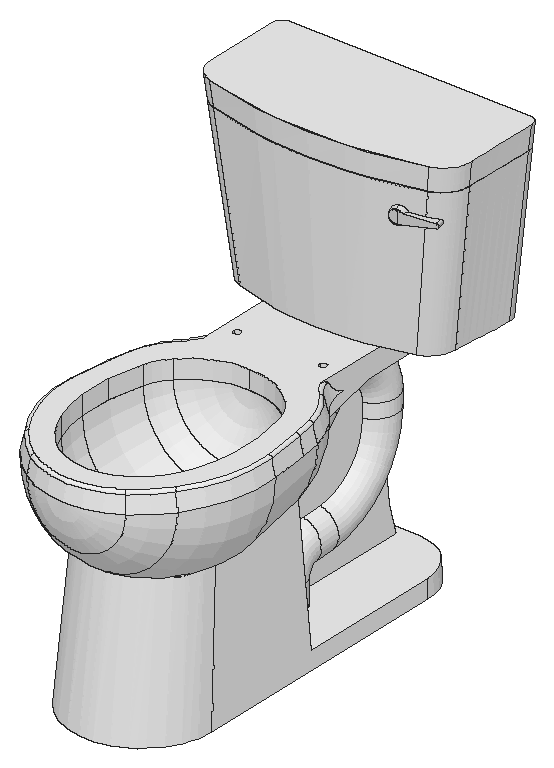
Revit family "Plumbing-Pressure-Assist-Water-Closet-Sloan-Valve-WETS-80298110_", category Plumbing Fixtures, host Face, Revit 2019 (continued)
Automatic sketch dimensions
  Masking region 2 sketch curve to Masking region 2 sketch curve = 3/4"
  Masking region 2 sketch curve to Masking region 2 sketch curve = 1.02866"
  Masking region 2 sketch curve to Masking region 2 sketch curve = 2"  (x2)
  Masking region 2 sketch curve to Masking region 2 sketch curve = 2 1/4"  (x2)
  Masking region 2 sketch curve to Masking region 2 sketch curve = 2.79716"
  Masking region 2 sketch curve to Masking region 2 sketch curve = 0.52667"  (x2)
  Masking region 2 sketch curve to Masking region 2 sketch curve = 1.24583"
  Masking region 2 sketch curve to Masking region 2 sketch curve = 1.55117"  (x2)
  Masking region 2 sketch curve to Masking region 2 sketch curve = 1.66402"
  Masking region 2 sketch curve to Masking region 2 sketch curve = 0.70915"  (x2)
  Masking region 2 sketch curve to Masking region 2 sketch curve = 2.22418"  (x2)
  Masking region 2 sketch curve to Masking region 2 sketch curve = 0.38996"  (x2)
  Masking region 2 sketch curve to Masking region 2 sketch curve = 3.913"
  Masking region 2 sketch curve to Masking region 2 sketch curve = 4.50109"  (x2)
  Masking region 2 sketch curve to Masking region 2 sketch curve = 2.37129"  (x2)
  Masking region 2 sketch curve to Masking region 2 sketch curve = 2.31605"  (x2)
  Masking region 2 sketch curve to Masking region 2 sketch curve = 2.56575"  (x2)
  Masking region 2 sketch curve to Masking region 2 sketch curve = 5 33/128"
  Masking region 2 sketch curve to Masking region 2 sketch curve = 5.26793"
  Masking region 2 sketch curve to Masking region 2 sketch curve = 0.29604"  (x2)
  Masking region 2 sketch curve to Masking region 2 sketch curve = 17.12237"
  Masking region 2 sketch curve to Masking region 2 sketch curve = 8 3/8"
  Masking region 2 sketch curve to Masking region 2 sketch curve = 9 3/4"
  Masking region 2 sketch curve to Masking region 2 sketch curve = 3.22134"
  Masking region 2 sketch curve to Masking region 2 sketch curve = 1 1/4"
  Masking region 2 sketch curve to Masking region 2 sketch curve = 18.90159"
  Masking region 2 sketch curve to Masking region 2 sketch curve = 19.0791"
  Extrusion 19 sketch curve to Extrusion 19 sketch curve = 2.41998"
  Extrusion 19 sketch curve to Extrusion 19 sketch curve = 0.01099"
  Extrusion 19 sketch curve to Extrusion 19 sketch curve = 0.0192"
  Extrusion 19 sketch curve to Extrusion 19 sketch curve = 0.29949"
  Extrusion 19 sketch curve to Extrusion 19 sketch curve = 0.15636"
  Extrusion 19 sketch curve to Extrusion 19 sketch curve = 0.78299"
  Revolve 20 sketch curve to Revolve 20 sketch curve = 0.48262"
  Revolve 20 sketch curve to Revolve 20 sketch curve = 1/2"
  Revolve 20 sketch curve to Revolve 20 sketch curve = 0.15681"
  Revolve 20 sketch curve to Revolve 20 sketch curve = 0.02676"
  Revolve 20 sketch curve to Revolve 20 sketch curve = 0.66246"
  Revolve 20 sketch curve to Revolve 20 sketch curve = 0"  (x2)
  Revolve 20 sketch curve to Revolve 20 sketch curve = 0.11261"
  plane 7 to Sweep 3 sketch curve = 16.44118"
  plane 7 to Sweep 3 sketch curve = 11 1/4"
  Sweep 3 sketch curve to Sweep 3 sketch curve = 1.57944"
  Sweep 3 sketch curve to Sweep 3 sketch curve = 1.22254"
  Sweep 3 sketch curve to Sweep 3 sketch curve = 1.50376"
  Sweep 3 sketch curve to Sweep 3 sketch curve = 2.37343"
  Sweep 3 sketch curve to Sweep 3 sketch curve = 3"
  Sweep 3 sketch curve to Sweep 3 sketch curve = 0.23912"
  Sweep 3 sketch curve to Sweep 3 sketch curve = 2.19457"
  Sweep 3 sketch curve to Sweep 3 sketch curve = 1.02691"
  Sweep 3 sketch curve to Sweep 3 sketch curve = 6.01869"
  Sweep 3 sketch curve to Sweep 3 sketch curve = 5.81653"
  Sweep 3 sketch curve to Sweep 3 sketch curve = 0.44425"
  Sweep 3 sketch curve to Sweep 3 sketch curve = 0"
  Sweep 3 sketch curve to Sweep 3 sketch curve = 1.66667"
  Sweep 3 sketch curve to Sweep 3 sketch curve = 0.07881"
  Sweep 3 sketch curve to Sweep 3 sketch curve = 2.69248"
  Extrusion 21 sketch curve to plane 7 = 0"
  plane 7 to Extrusion 21 sketch curve = 8 3/4"
  Extrusion 21 sketch curve to Extrusion 21 sketch curve = 1.81579"
  plane 11 to Blend 22 sketch curve = 23 1/2"
  Blend 22 sketch curve to Blend 22 sketch curve = 3 1/2"  (x2)
  Blend 22 sketch curve to Blend 22 sketch curve = 4 7/8"
  Blend 22 sketch curve to Blend 22 sketch curve = 2 3/4"
  plane 11 to Blend 22 sketch curve = 4 67/128"
  plane 11 to Blend 22 sketch curve = 22.25397"
  plane 11 to Blend 22 sketch curve = 1 3/128"
  Blend 22 sketch curve to Blend 22 sketch curve = 4 5/16"
  Blend 22 sketch curve to Blend 22 sketch curve = 1 5/8"
  plane 11 to Extrusion 23 sketch curve = 13.77953"
  Extrusion 23 sketch curve to Extrusion 23 sketch curve = 5.00662"
  Extrusion 23 sketch curve to Extrusion 23 sketch curve = 1.37144"
  Extrusion 23 sketch curve to Extrusion 23 sketch curve = 0.83072"
  plane 11 to Extrusion 23 sketch curve = 2.01421"
  plane 11 to Extrusion 23 sketch curve = 1.80632"
  Extrusion 23 sketch curve to Extrusion 23 sketch curve = 1.24829"
  Extrusion 23 sketch curve to Extrusion 23 sketch curve = 2.7937"
  Sweep 24 sketch curve to profile plane = 0"  (x2)
  plane 11 to Extrusion 25 sketch curve = 25.07129"
  Extrusion 25 sketch curve to Extrusion 25 sketch curve = 6.25633"
  Extrusion 25 sketch curve to Extrusion 25 sketch curve = 0.63587"
  Extrusion 25 sketch curve to Extrusion 25 sketch curve = 7.2727"
  Extrusion 25 sketch curve to Extrusion 25 sketch curve = 1.99428"
  Extrusion 25 sketch curve to Extrusion 25 sketch curve = 1.03117"
  plane 11 to Extrusion 25 sketch curve = 1.54092"
  plane 11 to Extrusion 25 sketch curve = 1.93503"
  Extrusion 25 sketch curve to plane 11 = 12.09356"
  Extrusion 25 sketch curve to Extrusion 25 sketch curve = 5.1955"
  Extrusion 25 sketch curve to Extrusion 25 sketch curve = 7.268"
  Extrusion 25 sketch curve to Extrusion 25 sketch curve = 4 19/256"
  Extrusion 25 sketch curve to Extrusion 25 sketch curve = 4.71404"
  Extrusion 25 sketch curve to Extrusion 25 sketch curve = 3.46658"
  Extrusion 25 sketch curve to Extrusion 25 sketch curve = 0.2571"
  Extrusion 25 sketch curve to Extrusion 25 sketch curve = 0"
  plane 8 to Blend 26 sketch curve = 0.21467"
  plane 8 to Blend 26 sketch curve = 0.58558"
  plane 11 to Blend 26 sketch curve = 5/16"
  plane 8 to Blend 26 sketch curve = 0.96182"
  Blend 26 sketch curve to Blend 26 sketch curve = 1.99239"
  plane 8 to Blend 26 sketch curve = 7 15/16"
  plane 9 to Blend 26 sketch curve = 2.57797"
  plane 9 to Blend 26 sketch curve = 0.96182"
  plane 9 to Blend 26 sketch curve = 0.58558"
  plane 9 to Blend 26 sketch curve = 0.21467"
  Blend 26 sketch curve to Blend 26 sketch curve = 3/4"  (x3)
  Blend 26 sketch curve to Blend 26 sketch curve = 4.13053"  (x2)
  Blend 26 sketch curve to Blend 26 sketch curve = 0.17431"  (x2)
  Blend 26 sketch curve to plane 11 = 9.28691"
  Blend 26 sketch curve to Blend 26 sketch curve = 0"  (x2)
  plane 11 to Blend 26 sketch curve = 0"
  plane 11 to Blend 26 sketch curve = 6 1/128"  (x2)
  Blend 26 sketch curve to Blend 26 sketch curve = 2"
  Blend 26 sketch curve to Blend 26 sketch curve = 8 3/8"
  Blend 26 sketch curve to Blend 26 sketch curve = 14 1/4"
  plane 11 to Blend 26 sketch curve = 3/4"
  Blend 26 sketch curve to Blend 26 sketch curve = 1 1/4"
  Blend 26 sketch curve to plane 11 = 19.0791"
  plane 11 to Revolve 27 sketch curve = 18.41431"
  Revolve 27 sketch curve to Revolve 27 sketch curve = 0.38226"
  Revolve 27 sketch curve to Revolve 27 sketch curve = 213/256"
  Revolve 27 sketch curve to Revolve 27 sketch curve = 0"  (x10)
  Revolve 27 sketch curve to Revolve 27 sketch curve = 1.55117"
  Revolve 27 sketch curve to Revolve 27 sketch curve = 0.52667"
  Revolve 27 sketch curve to Revolve 27 sketch curve = 1.06316"
  Revolve 27 sketch curve to Revolve 27 sketch curve = 0.55817"
  Revolve 27 sketch curve to Revolve 27 sketch curve = 4.78572"
  Revolve 27 sketch curve to Revolve 27 sketch curve = 17.76248"
  Revolve 27 sketch curve to Revolve 27 sketch curve = 1.12242"
  Revolve 27 sketch curve to Revolve 27 sketch curve = 1.54616"
  Revolve 27 sketch curve to Revolve 27 sketch curve = 1.91616"
  Revolve 27 sketch curve to Revolve 27 sketch curve = 0.22012"
  Revolve 27 sketch curve to Revolve 27 sketch curve = 0.002"
  Revolve 27 sketch curve to Revolve 27 sketch curve = 0.38996"
  Revolve 27 sketch curve to Revolve 27 sketch curve = 2.4971"
  Revolve 27 sketch curve to Revolve 27 sketch curve = 1.76271"
  Revolve 27 sketch curve to Revolve 27 sketch curve = 0.46147"
  Revolve 27 sketch curve to Revolve 27 sketch curve = 1.76813"
  Revolve 27 sketch curve to Revolve 27 sketch curve = 2.37097"
  Revolve 27 sketch curve to Revolve 27 sketch curve = 1.94676"
  Revolve 27 sketch curve to Revolve 27 sketch curve = 0.65231"
  Revolve 27 sketch curve to Revolve 27 sketch curve = 3.62883"
  Revolve 27 sketch curve to Revolve 27 sketch curve = 2.41279"
  Revolve 27 sketch curve to Revolve 27 sketch curve = 0.18389"
  Revolve 27 sketch curve to Revolve 27 sketch curve = 1/2"
  Extrusion 28 sketch curve to Extrusion 28 sketch curve = 0.67182"
  Extrusion 28 sketch curve to Extrusion 28 sketch curve = 1.77234"
  Extrusion 28 sketch curve to Extrusion 28 sketch curve = 1.545"  (x2)
  Extrusion 28 sketch curve to Extrusion 28 sketch curve = 93/128"
  Extrusion 28 sketch curve to Extrusion 28 sketch curve = 0.40828"
  Extrusion 28 sketch curve to Extrusion 28 sketch curve = 2.54228"
  Extrusion 28 sketch curve to Extrusion 28 sketch curve = 2.74948"
  Blend 29 sketch curve to Blend 29 sketch curve = 0.99706"
  Blend 29 sketch curve to Blend 29 sketch curve = 0.24541"
  Blend 29 sketch curve to Blend 29 sketch curve = 1 13/16"
  Blend 29 sketch curve to Blend 29 sketch curve = 0.37271"
  Blend 30 sketch curve to Blend 30 sketch curve = 1 13/16"  (x2)
  Blend 30 sketch curve to Blend 30 sketch curve = 0.37271"
  Blend 30 sketch curve to Blend 30 sketch curve = 1.15396"
  plane 11 to Sweep 31 sketch curve = 26.57715"
  Sweep 31 sketch curve to Sweep 31 sketch curve = 9.12902"
  Sweep 31 sketch curve to Sweep 31 sketch curve = 0.84594"
  Sweep 31 sketch curve to Sweep 31 sketch curve = 3.46596"
  Sweep 31 sketch curve to Sweep 31 sketch curve = 1.9345"
  Sweep 31 sketch curve to Sweep 31 sketch curve = 0.18533"
  Sweep 31 sketch curve to Sweep 31 sketch curve = 1.3913"
  Sweep 31 sketch curve to Sweep 31 sketch curve = 1.1687"
  Sweep 31 sketch curve to Sweep 31 sketch curve = 3.42714"
  Sweep 31 sketch curve to Sweep 31 sketch curve = 1.86098"
  Sweep 31 sketch curve to Sweep 31 sketch curve = 1.34254"
  Sweep 31 sketch curve to Sweep 31 sketch curve = 1.96082"
  Sweep 31 sketch curve to Sweep 31 sketch curve = 0"  (x3)
  Sweep 31 sketch curve to Sweep 31 sketch curve = 2.59819"
  Sweep 31 sketch curve to profile plane = 0"
  Sweep 31 sketch curve to profile plane = 0.99706"  (x2)
  Sweep 32 sketch curve to Sweep 32 sketch curve = 0"  (x12)
  Sweep 32 sketch curve to plane 10 = 0"  (x4)
  plane 10 to Sweep 32 sketch curve = 5.70094"  (x2)
  plane 11 to Sweep 32 sketch curve = 10.88962"
  Sweep 32 sketch curve to Sweep 32 sketch curve = 18.15103"  (x2)
  Sweep 32 sketch curve to Sweep 32 sketch curve = 4"  (x2)
  Sweep 32 sketch curve to Sweep 32 sketch curve = 2.01849"
  Sweep 32 sketch curve to Sweep 32 sketch curve = 0.52667"  (x2)
  Sweep 32 sketch curve to Sweep 32 sketch curve = 1.24583"
  Sweep 32 sketch curve to Sweep 32 sketch curve = 1.55117"  (x2)
  Sweep 32 sketch curve to Sweep 32 sketch curve = 1.66402"
  Sweep 32 sketch curve to Sweep 32 sketch curve = 3.26432"
  plane 10 to Sweep 32 sketch curve = 4.99179"
  Sweep 32 sketch curve to Sweep 32 sketch curve = 2.22418"
  Sweep 32 sketch curve to Sweep 32 sketch curve = 0.38996"  (x2)
  Sweep 32 sketch curve to Sweep 32 sketch curve = 3.913"
  Sweep 32 sketch curve to Sweep 32 sketch curve = 6.87238"
  Sweep 32 sketch curve to Sweep 32 sketch curve = 5.26793"
  Sweep 32 sketch curve to Sweep 32 sketch curve = 0.29604"  (x2)
  Sweep 32 sketch curve to Sweep 32 sketch curve = 4.31887"  (x2)
  Sweep 32 sketch curve to profile plane = 0"
  Sweep 32 sketch curve to profile plane = 0.25828"
  Sweep 32 sketch curve to Sweep 32 sketch curve = 0.24359"
  Sweep 32 sketch curve to profile plane = 0.71616"
  profile plane to Sweep 32 sketch curve = 14 3/16"
  Sweep 32 sketch curve to Sweep 32 sketch curve = 1 1/16"
  Sweep 32 sketch curve to Sweep 32 sketch curve = 0.05624"
  Extrusion 33 sketch curve to Extrusion 33 sketch curve = 0"  (x20)
  plane 11 to Extrusion 33 sketch curve = 21.08289"
  Extrusion 33 sketch curve to Extrusion 33 sketch curve = 4.78572"  (x2)
  Extrusion 33 sketch curve to Extrusion 33 sketch curve = 0.55817"  (x2)
  Extrusion 33 sketch curve to Extrusion 33 sketch curve = 1.92673"  (x2)
  Extrusion 33 sketch curve to Extrusion 33 sketch curve = 3.141"
  Extrusion 33 sketch curve to Extrusion 33 sketch curve = 1.21427"  (x2)
  Extrusion 33 sketch curve to Extrusion 33 sketch curve = 0.37"  (x2)
  Extrusion 33 sketch curve to Extrusion 33 sketch curve = 0.22012"  (x2)
  Extrusion 33 sketch curve to Extrusion 33 sketch curve = 2.15467"
  Extrusion 33 sketch curve to Extrusion 33 sketch curve = 2.13627"
  Extrusion 33 sketch curve to Extrusion 33 sketch curve = 1.12242"  (x2)
  Extrusion 33 sketch curve to Extrusion 33 sketch curve = 1.58443"
  Extrusion 33 sketch curve to Extrusion 33 sketch curve = 1.57431"  (x2)
  Extrusion 34 sketch curve to Extrusion 34 sketch curve = 0"  (x15)
  plane 11 to Extrusion 34 sketch curve = 23.57999"  (x2)
  plane 11 to Extrusion 34 sketch curve = 10.88962"
  Extrusion 34 sketch curve to Extrusion 34 sketch curve = 18.15103"  (x2)
  Extrusion 34 sketch curve to Extrusion 34 sketch curve = 4"  (x2)
  Extrusion 34 sketch curve to Extrusion 34 sketch curve = 2.01849"
  Extrusion 34 sketch curve to Extrusion 34 sketch curve = 0.52667"  (x2)
  Extrusion 34 sketch curve to Extrusion 34 sketch curve = 1.24583"
  Extrusion 34 sketch curve to Extrusion 34 sketch curve = 1.55117"  (x2)
  Extrusion 34 sketch curve to Extrusion 34 sketch curve = 1.66402"
  Extrusion 34 sketch curve to Extrusion 34 sketch curve = 3.26432"
  Extrusion 34 sketch curve to Extrusion 34 sketch curve = 13.39952"
  Extrusion 34 sketch curve to Extrusion 34 sketch curve = 2.22418"  (x2)
  Extrusion 34 sketch curve to Extrusion 34 sketch curve = 0.38996"  (x2)
  Extrusion 34 sketch curve to Extrusion 34 sketch curve = 3.913"
  Extrusion 34 sketch curve to Extrusion 34 sketch curve = 3.98247"
  Extrusion 34 sketch curve to Extrusion 34 sketch curve = 0.39147"  (x2)
  Extrusion 34 sketch curve to Extrusion 34 sketch curve = 2.49844"
  Extrusion 34 sketch curve to Extrusion 34 sketch curve = 4.55398"
  Extrusion 34 sketch curve to Extrusion 34 sketch curve = 0.28975"  (x2)
  plane 11 to Extrusion 35 sketch curve = 15 3/4"
  Extrusion 35 sketch curve to Extrusion 35 sketch curve = 1.03091"
  Extrusion 35 sketch curve to plane 11 = 0.34835"
  Extrusion 35 sketch curve to Extrusion 35 sketch curve = 14.74266"
  plane 11 to Revolve 36 sketch curve = 18.41431"
  Revolve 36 sketch curve to Revolve 36 sketch curve = 1.21427"
  Revolve 36 sketch curve to Revolve 36 sketch curve = 3.141"
  Revolve 36 sketch curve to Revolve 36 sketch curve = 0.55817"
  Revolve 36 sketch curve to Revolve 36 sketch curve = 4.78572"
  Revolve 36 sketch curve to Revolve 36 sketch curve = 1.12242"
  Revolve 36 sketch curve to Revolve 36 sketch curve = 1.54616"
  Revolve 36 sketch curve to Revolve 36 sketch curve = 1.91616"
  Revolve 36 sketch curve to Revolve 36 sketch curve = 0.22012"
  Revolve 36 sketch curve to Revolve 36 sketch curve = 2.15467"
  Revolve 36 sketch curve to Revolve 36 sketch curve = 4.85057"
  Revolve 36 sketch curve to Revolve 36 sketch curve = 4.53114"
  Revolve 36 sketch curve to Revolve 36 sketch curve = 0"  (x5)
  Revolve 36 sketch curve to Revolve 36 sketch curve = 2.34667"
  Revolve 36 sketch curve to Revolve 36 sketch curve = 1/2"
  plane 11 to Extrusion 37 sketch curve = 11 3/8"
  Extrusion 37 sketch curve to Extrusion 37 sketch curve = 6"
  Extrusion 37 sketch curve to Extrusion 37 sketch curve = 0"
  Extrusion 38 sketch curve to Extrusion 38 sketch curve = 0"  (x17)
  plane 11 to Extrusion 38 sketch curve = 0"
  plane 11 to Extrusion 38 sketch curve = 6 1/128"  (x2)
  Extrusion 38 sketch curve to Extrusion 38 sketch curve = 1/4"
  Extrusion 38 sketch curve to Extrusion 38 sketch curve = 1/2"
  Extrusion 38 sketch curve to Extrusion 38 sketch curve = 1 3/4"  (x2)
  Extrusion 38 sketch curve to Extrusion 38 sketch curve = 8 3/8"
  Extrusion 38 sketch curve to Extrusion 38 sketch curve = 14 1/4"
  Extrusion 38 sketch curve to Extrusion 38 sketch curve = 1 1/4"
  Extrusion 38 sketch curve to plane 11 = 19.0791"
  Extrusion 39 sketch curve to Extrusion 39 sketch curve = 2.41998"
  Extrusion 39 sketch curve to Extrusion 39 sketch curve = 0.01099"
  Extrusion 39 sketch curve to Extrusion 39 sketch curve = 0.0192"
  Extrusion 39 sketch curve to Extrusion 39 sketch curve = 0.29949"
  Extrusion 39 sketch curve to Extrusion 39 sketch curve = 0.15636"
  Extrusion 39 sketch curve to Extrusion 39 sketch curve = 0.78299"
  Revolve 40 sketch curve to Revolve 40 sketch curve = 0.48262"
  Revolve 40 sketch curve to Revolve 40 sketch curve = 1/2"
  Revolve 40 sketch curve to Revolve 40 sketch curve = 0.15681"
  Revolve 40 sketch curve to Revolve 40 sketch curve = 0.02676"
  Revolve 40 sketch curve to Revolve 40 sketch curve = 0.66246"
  Revolve 40 sketch curve to Revolve 40 sketch curve = 0"  (x2)
  Revolve 40 sketch curve to Revolve 40 sketch curve = 0.11261"
  plane 11 to Sweep 24 sketch curve = 16.44118"
  plane 11 to Sweep 24 sketch curve = 11 1/4"
  Sweep 24 sketch curve to Sweep 24 sketch curve = 1.57944"
  Sweep 24 sketch curve to Sweep 24 sketch curve = 1.22254"
  Sweep 24 sketch curve to Sweep 24 sketch curve = 1.50376"
  Sweep 24 sketch curve to Sweep 24 sketch curve = 2.37343"
  Sweep 24 sketch curve to Sweep 24 sketch curve = 3"
  Sweep 24 sketch curve to Sweep 24 sketch curve = 0.23912"
  Sweep 24 sketch curve to Sweep 24 sketch curve = 2.19457"
  Sweep 24 sketch curve to Sweep 24 sketch curve = 1.02691"
  Sweep 24 sketch curve to Sweep 24 sketch curve = 6.01869"
  Sweep 24 sketch curve to Sweep 24 sketch curve = 5.81653"
  Sweep 24 sketch curve to Sweep 24 sketch curve = 0.44425"
  Sweep 24 sketch curve to Sweep 24 sketch curve = 0"
  Sweep 24 sketch curve to Sweep 24 sketch curve = 1.66667"
  Sweep 24 sketch curve to Sweep 24 sketch curve = 0.07881"
  Sweep 24 sketch curve to Sweep 24 sketch curve = 2.69248"
  Extrusion 41 sketch curve to plane 11 = 0"
  plane 11 to Extrusion 41 sketch curve = 8 3/4"
  Extrusion 41 sketch curve to Extrusion 41 sketch curve = 1.81579"
  radius of Sweep 3 sketch curve = 1 1/2"
  radius of Extrusion 5 sketch curve = 1/4"
  radius of Extrusion 17 sketch curve = 1/4"  (x2)
  radius of Sweep 24 sketch curve = 1 1/2"
  radius of Extrusion 37 sketch curve = 1/4"  (x2)
Connectors
  piping at (-152.4, 0, 254), diameter 12.7, driven by "Cold Water Connection Diameter", driven by "CWFU", driven by "Valve Pressure Drop", driven by "Cold Water Connector Description"
    settings: on Extrusion 5, index 1, connector inside diameter 24", connector length 0", flow factor 0, pipe flow 0 GPM, pressure drop 0.00 psi, fitting loss kfactor 0, connector angle 0.00°, fixture units 10, engagement length 0", angle of deflection 0.00°, flow configuration 3, flow direction 1, fitting loss method 4, system type 20, joint type 0, gender type 0, connector reference index -1, connector utility 0, adjustable connector no, is connector primary yes, connector description "Cold Water Connector d1/2\""
  piping at (0, -304.8, 0), diameter 53.975, driven by "Sanitary Drain Connection Diameter", driven by "WFU", driven by "Sanitary Drain Connector Description"
    settings: on Sweep 3, index 2, connector inside diameter 24", connector length 0", flow factor 0, pipe flow 0 GPM, pressure drop 0.00 psi, fitting loss kfactor 0, connector angle 0.00°, fixture units 10, engagement length 0", angle of deflection 0.00°, flow configuration 3, flow direction 2, fitting loss method 0, system type 16, joint type 0, gender type 0, connector reference index -1, connector utility 0, adjustable connector no, is connector primary no, connector description "Sanitary Drain Connector d2 1/8\""
Types (4): name | Water Closet Code | Product Material | Part Number | Model | Description
  (no name) | "2108029" | Sloan Valve - Vitreous China - White | "WETS-8029.8110" | "WETS-8029.8110" | "Floor-Mounted 1.28 gpf (4.8 Lpf) ADA 12\" Rough-in Pressure-Assisted/Tank Toilet."
  WETS-8029.8110 | "2108029" | Sloan Valve - Vitreous China - White | "WETS-8029.8110" | "WETS-8029.8110" | "Floor-Mounted 1.28 gpf (4.8 Lpf) ADA 12\" Rough-in Pressure-Assisted/Tank Toilet."
  WETS-8029.8110-BAA | "2108029" | Sloan Valve - Vitreous China - White | "80298110" | "WETS-8029.8110-BAA" | "Floor-Mounted 1.28 gpf (4.8 Lpf) ADA 12\" Rough-in Pressure-Assisted/Tank Toilet."
  WETS-8029.8110-STG | "2178029" | Sloan Valve - Vitreous China - SloanTec Glaze White | "WETS-8029.8110-STG" | "WETS-8029.8110-STG" | "Floor-Mounted 1.28 gpf (4.8 Lpf) ADA 12\" Rough-in Pressure-Assisted/Tank Toilet with SloanTec® Glaze."
